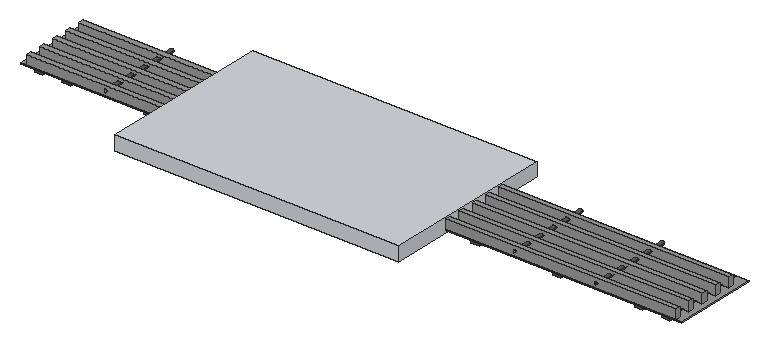
Revit family "1412-5, Veneer", category Generic Models, host Face, Revit 2020
Family settings
  Host = Face
  Can host rebar = No
  Round Connector Dimension = Use Diameter
  Part Type = Normal
  Cut with Voids When Loaded = No
  Shared = No
  Room Calculation Point = No
Parameters
  min_value [instance] = 2' - 4"  # constant formula
  max_value [instance] = 9' - 11 1/4"  # constant formula
  actual_value [instance] = if(NET LENGTH < min_value, min_value, if(NET LENGTH > max_value, max_value, NET LENGTH))  # 7' - 11 1/4"
  SCRIM MATERIAL [instance] = SCRIM
  SCRIM APPEARANCE [instance] = yes
  NET LENGTH [instance] = 7' - 11 1/4"
  IMPORTANT NOTE!!!                                                                             *Backer & dowel layout is for visualization purposes only, final layout to be determined by 9Wood. [instance] = ""
  Default Elevation = 4' - 0"
  DOWEL RADIUS [instance] = 0' - 0 1/4"  # constant formula
  BACKER & DOWEL MATERIAL [instance] = BLACK-BACKERS
  .. MEMBER WIDTH [instance] = 0' - 0 3/4"  # constant formula
  .. MEMBER MATERIAL [instance] = Veneer Cherry
  .. MEMBER DEPTH [instance] = 0' - 1 3/8"  # constant formula
  .. MEMBER COUNT [instance] = 5  # constant formula
Reference planes (in)
  plane 1 "Center (Front/Back)": y = 0
  plane 2: z = 0
  plane 3 "Center (Left/Right)": x = 0
Forms (in)
  Extrusion 1, solid
    sketch origin (0, 0, 0) x (1, 0, 0) y (0, 1, 0)
      loop
        line (-24.24823, 14.63962) -> (-24.24823, -10.69266) -> (17.36192, -10.69266) -> (17.36192, 14.63962) -> (-24.24823, 14.63962)
    from 0 to 2.0625
Dimensions and locks (in)
  aligned and locked: plane 2 to Extrusion 1
Nested families (in)
  nested 1: "1400 series" at (-44.01308, -2.1224, 0.00189), NET LENGTH <- "actual_value", .. MEMBER DEPTH <- ".. MEMBER DEPTH", .. MEMBER WIDTH <- ".. MEMBER WIDTH", DOWEL RADIUS <- "DOWEL RADIUS", BACKER & DOWEL MATERIAL <- "BACKER & DOWEL MATERIAL", .. MEMBER MATERIAL <- ".. MEMBER MATERIAL", SCRIM MATERIAL <- "SCRIM MATERIAL", MEMBER COUNT <- ".. MEMBER COUNT", SCRIM APPEARANCE <- "SCRIM APPEARANCE", type "1400 series"
    with X 7' - 8", SCRIM MATERIAL SCRIM, SCRIM LENGTH 8' - 1", SCRIM APPEARANCE yes, SCRIM 2 0' - 0 7/8", SCRIM 1 0' - 0 3/32", OC TYP 1' - 0", NET LENGTH 7' - 11 1/4", N 8, MEMBER COUNT 5, INSET 2 0' - 0 3/16", INSET 0' - 1", HALF MEMBER WIDTH 0' - 0 3/8", END BACKER yes, DOWEL RADIUS 0' - 0 1/4", DOWEL INDEX 0' - 11 5/8", DOWEL COUNT 7, BACKING M COUNT 8, BACKER WIDTH 0' - 1 1/4", BACKER INDEX 0' - 5 5/8", BACKER DEPTH 0' - 0 1/2", BACKER & DOWEL MATERIAL BLACK-BACKERS, BACKER &  DOWEL LENGTH 0' - 11 7/8", .. MEMBER WIDTH 0' - 0 3/4", .. MEMBER OC TYP 0' - 2.4", .. MEMBER MATERIAL Veneer Cherry, .. MEMBER DEPTH 0' - 1 3/8"
Definition of nested family "1400 series"
  Parameters (values of type "1400 series")
    X [instance] = NET LENGTH - 0' 3 1/4"  # 7' - 2"
    SCRIM MATERIAL [instance] = none
    SCRIM APPEARANCE [instance] = yes
    SCRIM 2 [instance] = 0' - 0 7/8"  # constant formula
    SCRIM 1 [instance] = 0' - 0 3/32"  # constant formula
    OC TYP [instance] = 1' - 0"  # constant formula
    N [instance] = if((X - (rounddown(X / 1' 0") * 1' 0")) > 1' 0", rounddown(X / 1' 0") + 2, rounddown(X / 1' 0") + 1)  # 8
    MEMBER COUNT [instance] = 2
    INSET 5 = 0' - 0 11/16"  # constant formula
    INSET 2 [instance] = 0' - 0 3/16"  # constant formula
    INSET [instance] = 0' - 1"  # constant formula
    END BACKER [instance] = BACKER INDEX > 0' 3 5/8"  # no
    HALF MEMBER WIDTH [instance] = .. MEMBER WIDTH / 2  # 0' - 1 1/8"
    Default Elevation = 0' - 0"
    DOWEL RADIUS [instance] = 0' - 0 1/4"
    DOWEL INDEX [instance] = BACKER INDEX + 0' 6"  # 0' - 8 5/8"
    DOWEL COUNT [instance] = N - 1  # 7
    BACKER WIDTH [instance] = 0' - 1 1/4"  # constant formula
    BACKER INDEX [instance] = (NET LENGTH - ((N - 1) * 1' 0")) / 2  # 0' - 2 5/8"
    BACKER DEPTH [instance] = 0' - 0 1/2"  # constant formula
    BACKING M COUNT [instance] = N  # 8
    BACKER & DOWEL MATERIAL [instance] = none
    BACKER &  DOWEL LENGTH [instance] = 0' - 11 7/8"  # constant formula
    SCRIM LENGTH [instance] = NET LENGTH + (SCRIM 2 * 2)  # 7' - 7"
    .. MEMBER WIDTH [instance] = 0' - 2 1/4"
    .. MEMBER OC TYP [instance] = 1' 0" / MEMBER COUNT  # 0' - 6"
    .. MEMBER MATERIAL [instance] = none
    NET LENGTH [instance] = 7' - 5 1/4"
    .. MEMBER DEPTH [instance] = 0' - 4"
  Reference planes (in)
    plane 1 "Center (Front/Back)": y = 0
    plane 2: z = 0
    plane 3 "Center (Left/Right)": x = 0
    plane 4: x = 89.25
    plane 5: x = 1
    plane 6: x = 88.25
    plane 7: x = 2.625
    plane 8: x = 8.625
    plane 9: x = 14.625
    plane 10: x = 20.625
    plane 11: y = 0.1875
    plane 12: y = 1.125
    plane 13: y = 7.125
    plane 14: y = 12.0625
    plane 15: x = 90.125
    plane 16: x = -0.875
    plane 17: y = 12.15625
    plane 18: y = -0.09375
    plane 19: z = 2.7097
    plane 20: z = 0.49811
    plane 21: z = 0.56061
    plane 22: z = 1.24811
  Lines and regions (in)
    model lines, not visible
      curve 1: line (8.625, 0, 0.99811) -> (8.625, 0, 1.49811)
      curve 2: line (8.625, 0, 1.49811) -> (8.375, 0, 1.24811)
      curve 3: line (8.375, 0, 1.24811) -> (8.875, 0, 1.24811)
      curve 4: line (20.625, 0, 0.99811) -> (20.625, 0, 1.49811)
      curve 5: line (20.625, 0, 1.49811) -> (20.375, 0, 1.24811)
      curve 6: line (20.375, 0, 1.24811) -> (20.875, 0, 1.24811)
      curve 7: line (32.625, 0, 0.99811) -> (32.625, 0, 1.49811)
      curve 8: line (32.625, 0, 1.49811) -> (32.375, 0, 1.24811)
      curve 9: line (32.375, 0, 1.24811) -> (32.875, 0, 1.24811)
      curve 10: line (44.625, 0, 0.99811) -> (44.625, 0, 1.49811)
      curve 11: line (44.625, 0, 1.49811) -> (44.375, 0, 1.24811)
      curve 12: line (44.375, 0, 1.24811) -> (44.875, 0, 1.24811)
      curve 13: line (56.625, 0, 0.99811) -> (56.625, 0, 1.49811)
      curve 14: line (56.625, 0, 1.49811) -> (56.375, 0, 1.24811)
      curve 15: line (56.375, 0, 1.24811) -> (56.875, 0, 1.24811)
      curve 16: line (68.625, 0, 0.99811) -> (68.625, 0, 1.49811)
      curve 17: line (68.625, 0, 1.49811) -> (68.375, 0, 1.24811)
      curve 18: line (68.375, 0, 1.24811) -> (68.875, 0, 1.24811)
      curve 19: line (80.625, 0, 0.99811) -> (80.625, 0, 1.49811)
      curve 20: line (80.625, 0, 1.49811) -> (80.375, 0, 1.24811)
      curve 21: line (80.375, 0, 1.24811) -> (80.875, 0, 1.24811)
  Dimensions and locks (in)
    "INSET": plane 3 "Center (Left/Right)" to plane 5
    "NET LENGTH": plane 3 "Center (Left/Right)" to plane 4
    "INSET": plane 6 to plane 4
    "BACKER INDEX": plane 3 "Center (Left/Right)" to plane 7
    "DOWEL INDEX": plane 3 "Center (Left/Right)" to plane 8
    "OC TYP": plane 7 to plane 9
    "OC TYP": plane 8 to plane 10
    "INSET 2": plane 1 "Center (Front/Back)" to plane 11
    equal spacing: group 1, group 2, group 5, group 6, group 7, group 13, group 14, group 16  (x3)
    equal spacing: group 3, group 4, group 8, group 9, group 10, group 15, group 17  (x3)
    group 11 to group 12 = 0' - 0"  (x2)
    group 11 to group 12 = 0' - 6"
    ".. MEMBER OC TYP": plane 13 to plane 12
    "HALF MEMBER WIDTH": plane 1 "Center (Front/Back)" to plane 12
    "SCRIM 2": plane 16 to plane 3 "Center (Left/Right)"
    "SCRIM 2": plane 4 to plane 15
    "SCRIM 1": plane 18 to plane 1 "Center (Front/Back)"
    "SCRIM 1": plane 17 to plane 14
    "INSET 5": plane 22 to plane 21
    aligned and locked: level to plane 2
    aligned and locked: plane 7 to nested 2
    aligned and locked: plane 5 to nested 1
    aligned and locked: plane 9 to nested 3
    aligned and locked: nested 1 to plane 5
    aligned and locked: nested 2 to plane 11
    aligned and locked: nested 1 to plane 11
    aligned and locked: nested 3 to plane 11
    aligned and locked: nested 4 to plane 11  (x2)
    aligned and locked: plane 10 to nested 5
    aligned and locked: plane 6 to nested 12
    aligned and locked: nested 5 to plane 11
    aligned and locked: plane 11 to nested 12
    aligned and locked: plane 12 to nested 13
    aligned and locked: nested 14 to plane 13
    aligned and locked: plane 14 to nested 8
    aligned and locked: plane 16 to nested 15
    aligned and locked: nested 15 to plane 18
    aligned and locked: nested 15 to plane 17
    aligned and locked: nested 15 to plane 16  (x2)
    aligned and locked: nested 1 to level
    aligned and locked: level to nested 3
    aligned and locked: plane 20 to nested 2
    aligned and locked: plane 20 to nested 1
    aligned and locked: plane 20 to nested 3
    aligned and locked: nested 12 to plane 20
    aligned and locked: nested 15 to plane 20
    aligned and locked: plane 21 to nested 15
    aligned and locked: nested 13 to plane 21
    aligned and locked: plane 22 to nested 4
    aligned and locked: plane 22 to nested 5
    aligned and locked: nested 13 to plane 8
    aligned and locked: plane 10 to nested 13
    aligned and locked: curve 1 to nested 13
    aligned and locked: nested 13 to curve 4
  Automatic sketch dimensions
    curve 3 to curve 1 = 0' - 0 1/4"  (x2)
    curve 1 to curve 3 = 0' - 0 1/4"
    curve 1 to curve 2 = 0' - 0 1/4"
    curve 6 to curve 4 = 0' - 0 1/4"  (x2)
    curve 4 to curve 6 = 0' - 0 1/4"
    curve 4 to curve 5 = 0' - 0 1/4"
    curve 9 to curve 7 = 0' - 0 1/4"  (x2)
    curve 7 to curve 9 = 0' - 0 1/4"
    curve 7 to curve 8 = 0' - 0 1/4"
    curve 12 to curve 10 = 0' - 0 1/4"  (x2)
    curve 10 to curve 12 = 0' - 0 1/4"
    curve 10 to curve 11 = 0' - 0 1/4"
    curve 15 to curve 13 = 0' - 0 1/4"  (x2)
    curve 13 to curve 15 = 0' - 0 1/4"
    curve 13 to curve 14 = 0' - 0 1/4"
    curve 18 to curve 16 = 0' - 0 1/4"  (x2)
    curve 16 to curve 18 = 0' - 0 1/4"
    curve 16 to curve 17 = 0' - 0 1/4"
    curve 21 to curve 19 = 0' - 0 1/4"  (x2)
    curve 19 to curve 21 = 0' - 0 1/4"
    curve 19 to curve 20 = 0' - 0 1/4"
  Nested families (in)
    nested 1: "INSTANCE - 3RD -  EXTEND BOTH SIDES - Parametric Cube.0001" at (1, 0.1875, 0.49811), Length <- "BACKER &  DOWEL LENGTH", Width <- "BACKER WIDTH", Height <- "BACKER DEPTH", Material <- "BACKER & DOWEL MATERIAL", visible <- "END BACKER", type "INSTANCE - 3RD -  EXTEND BOTH SIDES - Parametric Cube.0001"
      with Width 0' - 1 1/4", Material none, Length 0' - 11 7/8", Height 0' - 0 1/2"
    nested 2: "INSTANCE - 2ND -  EXTEND SIDE H CENTER W - Parametric Cube.0001" at (2.625, 0.1875, 0.49811), Width <- "BACKER WIDTH", Length <- "BACKER &  DOWEL LENGTH", Height <- "BACKER DEPTH", Material <- "BACKER & DOWEL MATERIAL", type "INSTANCE - 2ND -  EXTEND SIDE H CENTER W - Parametric Cube.0001"
      with Width 0' - 1 1/4", Material none, Length 0' - 11 7/8", Height 0' - 0 1/2"
    nested 3: "INSTANCE - 2ND -  EXTEND SIDE H CENTER W - Parametric Cube.0001" at (14.625, 0.1875, 0.49811), Width <- "BACKER WIDTH", Length <- "BACKER &  DOWEL LENGTH", Height <- "BACKER DEPTH", Material <- "BACKER & DOWEL MATERIAL", type "INSTANCE - 2ND -  EXTEND SIDE H CENTER W - Parametric Cube.0001"
      with Width 0' - 1 1/4", Material none, Length 0' - 11 7/8", Height 0' - 0 1/2"
    nested 4: "DOWEL" at (-1.375, 0.1875, 1.24811), DOWEL LENGTH <- "BACKER &  DOWEL LENGTH", DOWEL RADII <- "DOWEL RADIUS", BACKING MEM MATERIAL <- "BACKER & DOWEL MATERIAL", type "DOWEL"
      with DOWEL RADII 0' - 0 1/4", DOWEL LENGTH 0' - 11 7/8", BACKING MEM MATERIAL none
    nested 5: "DOWEL" at (10.625, 0.1875, 1.24811), DOWEL LENGTH <- "BACKER &  DOWEL LENGTH", DOWEL RADII <- "DOWEL RADIUS", BACKING MEM MATERIAL <- "BACKER & DOWEL MATERIAL", type "DOWEL"
      with DOWEL RADII 0' - 0 1/4", DOWEL LENGTH 0' - 11 7/8", BACKING MEM MATERIAL none
    nested 6: "INSTANCE - 2ND -  EXTEND SIDE H CENTER W - Parametric Cube.0001" at (26.625, 0.1875, 0.49811), Width <- "BACKER WIDTH", Length <- "BACKER &  DOWEL LENGTH", Height <- "BACKER DEPTH", Material <- "BACKER & DOWEL MATERIAL", type "INSTANCE - 2ND -  EXTEND SIDE H CENTER W - Parametric Cube.0001"
      with Width 0' - 1 1/4", Material none, Length 0' - 11 7/8", Height 0' - 0 1/2"
    nested 7: "INSTANCE - 2ND -  EXTEND SIDE H CENTER W - Parametric Cube.0001" at (38.625, 0.1875, 0.49811), Width <- "BACKER WIDTH", Length <- "BACKER &  DOWEL LENGTH", Height <- "BACKER DEPTH", Material <- "BACKER & DOWEL MATERIAL", type "INSTANCE - 2ND -  EXTEND SIDE H CENTER W - Parametric Cube.0001"
      with Width 0' - 1 1/4", Material none, Length 0' - 11 7/8", Height 0' - 0 1/2"
    nested 8: "INSTANCE - 2ND -  EXTEND SIDE H CENTER W - Parametric Cube.0001" at (50.625, 0.1875, 0.49811), Width <- "BACKER WIDTH", Length <- "BACKER &  DOWEL LENGTH", Height <- "BACKER DEPTH", Material <- "BACKER & DOWEL MATERIAL", type "INSTANCE - 2ND -  EXTEND SIDE H CENTER W - Parametric Cube.0001"
      with Width 0' - 1 1/4", Material none, Length 0' - 11 7/8", Height 0' - 0 1/2"
    nested 9: "DOWEL" at (22.625, 0.1875, 1.24811), DOWEL LENGTH <- "BACKER &  DOWEL LENGTH", DOWEL RADII <- "DOWEL RADIUS", BACKING MEM MATERIAL <- "BACKER & DOWEL MATERIAL", type "DOWEL"
      with DOWEL RADII 0' - 0 1/4", DOWEL LENGTH 0' - 11 7/8", BACKING MEM MATERIAL none
    nested 10: "DOWEL" at (34.625, 0.1875, 1.24811), DOWEL LENGTH <- "BACKER &  DOWEL LENGTH", DOWEL RADII <- "DOWEL RADIUS", BACKING MEM MATERIAL <- "BACKER & DOWEL MATERIAL", type "DOWEL"
      with DOWEL RADII 0' - 0 1/4", DOWEL LENGTH 0' - 11 7/8", BACKING MEM MATERIAL none
    nested 11: "DOWEL" at (46.625, 0.1875, 1.24811), DOWEL LENGTH <- "BACKER &  DOWEL LENGTH", DOWEL RADII <- "DOWEL RADIUS", BACKING MEM MATERIAL <- "BACKER & DOWEL MATERIAL", type "DOWEL"
      with DOWEL RADII 0' - 0 1/4", DOWEL LENGTH 0' - 11 7/8", BACKING MEM MATERIAL none
    nested 12: "INSTANCE - 3RD -  EXTEND BOTH SIDES - Parametric Cube.0001" at (88.25, 0.1875, 0.49811) x (-1, 0, 0) z (0, 0, 1), Width <- "BACKER WIDTH", Length <- "BACKER &  DOWEL LENGTH", Height <- "BACKER DEPTH", Material <- "BACKER & DOWEL MATERIAL", visible <- "END BACKER", type "INSTANCE - 3RD -  EXTEND BOTH SIDES - Parametric Cube.0001"
      with Width 0' - 1 1/4", Material none, Length 0' - 11 7/8", Height 0' - 0 1/2"
    nested 13: "HOLED MEMBER" at (0, -9.75, 8.12965), DOWEL INDEX <- "DOWEL INDEX", .. MEMBER LENGTH <- "NET LENGTH", .. MEMBER WIDTH <- ".. MEMBER WIDTH", DOWEL OC DIST <- "OC TYP", DOWEL RADII <- "DOWEL RADIUS", Material <- ".. MEMBER MATERIAL", DEPTH <- ".. MEMBER DEPTH", DOWEL COUNT <- "DOWEL COUNT", Space <- "INSET 5", type "HOLED MEMBER"
      with Space 0' - 0 11/16", Material none, Height 0' - 10.43096", HALF MEMBER WIDTH 0' - 1 1/8", DOWEL RADII 0' - 0 1/4", DOWEL OC DIST 1' - 0", DOWEL INDEX 0' - 8 5/8", DOWEL COUNT 7, DEPTH 0' - 4", .. MEMBER WIDTH 0' - 2 1/4", .. MEMBER LENGTH 7' - 5 1/4"
    nested 14: "HOLED MEMBER" at (0, -3.75, 8.12965), DOWEL INDEX <- "DOWEL INDEX", .. MEMBER LENGTH <- "NET LENGTH", .. MEMBER WIDTH <- ".. MEMBER WIDTH", DOWEL OC DIST <- "OC TYP", DOWEL RADII <- "DOWEL RADIUS", Material <- ".. MEMBER MATERIAL", DEPTH <- ".. MEMBER DEPTH", DOWEL COUNT <- "DOWEL COUNT", Space <- "INSET 5", type "HOLED MEMBER"
      with Space 0' - 0 11/16", Material none, Height 0' - 10.43096", HALF MEMBER WIDTH 0' - 1 1/8", DOWEL RADII 0' - 0 1/4", DOWEL OC DIST 1' - 0", DOWEL INDEX 0' - 8 5/8", DOWEL COUNT 7, DEPTH 0' - 4", .. MEMBER WIDTH 0' - 2 1/4", .. MEMBER LENGTH 7' - 5 1/4"
    nested 15: "INSTANCE - 3RD -  EXTEND BOTH SIDES - Parametric Cube.0001" at (-0.875, -0.09375, 0.56061), Width <- "SCRIM LENGTH", Material <- "SCRIM MATERIAL", visible <- "SCRIM APPEARANCE", type "INSTANCE - 3RD -  EXTEND BOTH SIDES - Parametric Cube.0001"
      with Width 7' - 7", Material none, Length 1' - 0 1/4", Height 0' - 0 1/16"
    nested 16: "INSTANCE - 2ND -  EXTEND SIDE H CENTER W - Parametric Cube.0001" at (62.625, 0.1875, 0.49811), Width <- "BACKER WIDTH", Length <- "BACKER &  DOWEL LENGTH", Height <- "BACKER DEPTH", Material <- "BACKER & DOWEL MATERIAL", type "INSTANCE - 2ND -  EXTEND SIDE H CENTER W - Parametric Cube.0001"
      with Width 0' - 1 1/4", Material none, Length 0' - 11 7/8", Height 0' - 0 1/2"
    nested 17: "INSTANCE - 2ND -  EXTEND SIDE H CENTER W - Parametric Cube.0001" at (74.625, 0.1875, 0.49811), Width <- "BACKER WIDTH", Length <- "BACKER &  DOWEL LENGTH", Height <- "BACKER DEPTH", Material <- "BACKER & DOWEL MATERIAL", type "INSTANCE - 2ND -  EXTEND SIDE H CENTER W - Parametric Cube.0001"
      with Width 0' - 1 1/4", Material none, Length 0' - 11 7/8", Height 0' - 0 1/2"
    nested 18: "DOWEL" at (58.625, 0.1875, 1.24811), DOWEL LENGTH <- "BACKER &  DOWEL LENGTH", DOWEL RADII <- "DOWEL RADIUS", BACKING MEM MATERIAL <- "BACKER & DOWEL MATERIAL", type "DOWEL"
      with DOWEL RADII 0' - 0 1/4", DOWEL LENGTH 0' - 11 7/8", BACKING MEM MATERIAL none
    nested 19: "INSTANCE - 2ND -  EXTEND SIDE H CENTER W - Parametric Cube.0001" at (86.625, 0.1875, 0.49811), Width <- "BACKER WIDTH", Length <- "BACKER &  DOWEL LENGTH", Height <- "BACKER DEPTH", Material <- "BACKER & DOWEL MATERIAL", type "INSTANCE - 2ND -  EXTEND SIDE H CENTER W - Parametric Cube.0001"
      with Width 0' - 1 1/4", Material none, Length 0' - 11 7/8", Height 0' - 0 1/2"
    nested 20: "DOWEL" at (70.625, 0.1875, 1.24811), DOWEL LENGTH <- "BACKER &  DOWEL LENGTH", DOWEL RADII <- "DOWEL RADIUS", BACKING MEM MATERIAL <- "BACKER & DOWEL MATERIAL", type "DOWEL"
      with DOWEL RADII 0' - 0 1/4", DOWEL LENGTH 0' - 11 7/8", BACKING MEM MATERIAL none
  Definition of nested family "INSTANCE - 3RD -  EXTEND BOTH SIDES - Parametric Cube.0001"
    Parameters (values of type "INSTANCE - 3RD -  EXTEND BOTH SIDES - Parametric Cube.0001")
      Width [instance] = 0' - 6"
      Material [instance] = none
      Length [instance] = 1' - 0"
      Height [instance] = 1' - 6"
      Default Elevation = 0' - 0"
    Reference planes (in)
      plane 1 "Center (Front/Back)": y = 0
      plane 2: z = 0
      plane 3 "Center (Left/Right)": x = 0
      plane 4: x = 6
      plane 5: y = 12
      plane 6: z = -18
    Forms (in)
      Extrusion 1, solid, material <- "Material"
        sketch origin (0, 6, 0) x (1, 0, 0) y (0, 1, 0)
          loop
            line (0, 6) -> (0, -6) -> (6, -6) -> (6, 6) -> (0, 6)
        from -18 to 0
    Dimensions and locks (in)
      "Height": plane 6 to level
      "Length": plane 1 "Center (Front/Back)" to plane 5
      "Width": plane 3 "Center (Left/Right)" to plane 4
      aligned and locked: plane 2 to level
      aligned and locked: Extrusion 1 sketch curve to plane 4
      aligned and locked: Extrusion 1 to plane 6
      aligned and locked: plane 5 to Extrusion 1
      aligned and locked: Extrusion 1 to plane 3 "Center (Left/Right)"
    Automatic sketch dimensions
      plane 1 "Center (Front/Back)" to Extrusion 1 sketch curve = 0' - 0"
      plane 5 to Extrusion 1 sketch curve = 0' - 0"
      Extrusion 1 sketch curve to plane 3 "Center (Left/Right)" = 0' - 0"
  Definition of nested family "INSTANCE - 2ND -  EXTEND SIDE H CENTER W - Parametric Cube.0001"
    Parameters (values of type "INSTANCE - 2ND -  EXTEND SIDE H CENTER W - Parametric Cube.0001")
      Width [instance] = 0' - 6"
      Material [instance] = none
      Length [instance] = 1' - 0"
      Height [instance] = 1' - 6"
      Default Elevation = 0' - 0"
    Reference planes (in)
      plane 1 "Center (Front/Back)": y = 0
      plane 2: z = 0
      plane 3 "Center (Left/Right)": x = 0
      plane 4: x = -3
      plane 5: x = 3
      plane 6: y = 12
      plane 7: z = -18
    Forms (in)
      Extrusion 1, solid, material <- "Material"
        sketch origin (0, 6, 0) x (1, 0, 0) y (0, 1, 0)
          loop
            line (-3, 6) -> (-3, -6) -> (3, -6) -> (3, 6) -> (-3, 6)
        from -18 to 0
    Dimensions and locks (in)
      equal spacing: plane 4, plane 3 "Center (Left/Right)", plane 5
      "Width": plane 4 to plane 5
      "Height": plane 7 to level
      "Length": plane 1 "Center (Front/Back)" to plane 6
      aligned and locked: plane 2 to level
      aligned and locked: plane 4 to Extrusion 1 sketch curve
      aligned and locked: Extrusion 1 sketch curve to plane 5
      aligned and locked: Extrusion 1 to plane 7
      aligned and locked: plane 6 to Extrusion 1
    Automatic sketch dimensions
      plane 1 "Center (Front/Back)" to Extrusion 1 sketch curve = 0' - 0"
      plane 6 to Extrusion 1 sketch curve = 0' - 0"
  Definition of nested family "DOWEL"
    Parameters (values of type "DOWEL")
      Default Elevation = 0' - 0"
      DOWEL RADII [instance] = 0' - 0 5/8"
      DOWEL LENGTH [instance] = 1' - 0"
      BACKING MEM MATERIAL [instance] = none
    Reference planes (in)
      plane 1 "Center (Front/Back)": y = 0
      plane 2: z = 0
      plane 3 "Center (Left/Right)": x = 0
      plane 4: y = 12
    Forms (in)
      Extrusion 1, solid, material <- "BACKING MEM MATERIAL"
        sketch origin (10, 0, 0) x (1, 0, 0) y (0, 0, 1)
          loop
            circle (0, 0) r 0.625
        from 0 to -12
      Extrusion 2, solid, not visible
        sketch origin (0, 0, 0) x (1, 0, 0) y (0, 0, 1)
          loop
            circle (0, 0) r 0.625
        from 0 to 12
      Extrusion 3, solid, not visible
        sketch origin (10, 0, 0) x (1, 0, 0) y (0, 0, 1)
          loop
            circle (0, 0) r 0.625
        from 0 to 2.5
      Extrusion 4, solid, not visible
        sketch origin (10, 0, 0) x (1, 0, 0) y (0, 0, 1)
          loop
            circle (0, 0) r 0.625
        from 0 to -12
    Lines and regions (in)
      model lines, not visible
        curve 1: line (-13, 0, 0) -> (-13, -12, 0)
        curve 2: line (13, 0, 0) -> (13, -12, 0)
        curve 3: line (9.89453, 0, 0) -> (10.08794, 0, 0)
        curve 4: line (9.89453, -2.5, 0) -> (10.08794, -2.5, 0)
        curve 6: line (10, 0, 0) -> (10, 2, 0)
      model lines
        curve 5: line (10, 0, 0) -> (10, 2, 0)
    Dimensions and locks (in)
      "DOWEL LENGTH": plane 1 "Center (Front/Back)" to plane 4
      "DOWEL RADII": radius of Extrusion 1 sketch curve
      "DOWEL RADII": radius of Extrusion 2 sketch curve
      "DOWEL RADII": radius of Extrusion 3 sketch curve
      "DOWEL RADII": radius of Extrusion 4 sketch curve
      "DOWEL RADII": radius of Extrusion 1
      aligned and locked: plane 2 to level
      aligned and locked: Extrusion 1 to plane 1 "Center (Front/Back)"  (x3)
      aligned and locked: plane 1 "Center (Front/Back)" to Extrusion 1
      aligned and locked: plane 4 to Extrusion 1
    Automatic sketch dimensions
      plane 1 "Center (Front/Back)" to curve 5 = 0' - 0"
      curve 5 to plane 1 "Center (Front/Back)" = 0' - 2"
      plane 3 "Center (Left/Right)" to curve 5 = 0' - 10"
      Extrusion 1 sketch curve to level = 0' - 0"
      plane 3 "Center (Left/Right)" to Extrusion 1 sketch curve = 0' - 10"
  Definition of nested family "HOLED MEMBER"
    Parameters (values of type "HOLED MEMBER")
      Space [instance] = 0' - 0 5/8"
      Material [instance] = none
      Height [instance] = 0' - 10.43096"
      HALF MEMBER WIDTH [instance] = .. MEMBER WIDTH / 2  # 0' - 0 5/16"
      Default Elevation = 0' - 0"
      DOWEL RADII [instance] = 0' - 0.34537"
      DOWEL OC DIST [instance] = 1' - 0"
      DOWEL INSET = 0' - 0 5/8"
      DOWEL INDEX [instance] = 0' - 5 5/8"
      DOWEL COUNT [instance] = 6
      DEPTH [instance] = 0' - 2"
      .. MEMBER WIDTH [instance] = 0' - 0 5/8"
      .. MEMBER LENGTH [instance] = 5' - 11 3/4"
    Reference planes (in)
      plane 1 "Center (Front/Back)": y = 12
      plane 2: z = -7.56904
      plane 3 "Center (Left/Right)": x = 0
      plane 4: x = 5.625
      plane 5: x = 17.625
      plane 6: y = 11.375
      plane 7: x = 71.75
      plane 8: y = 11.6875
      plane 9: z = -6.94404
      plane 10: z = -5.56904
    Forms (in)
      Extrusion 1, solid, material <- "Material"
        sketch origin (0, 12, -13.56904) x (1, 0, 0) y (0, 0, 1)
          loop
            line (0, 6) -> (71.75, 6) -> (71.75, 8) -> (0, 8) -> (0, 6)
        from 0.625 to 0
      Extrusion 2, void
        sketch origin (0, 12, -18.31904) x (1, 0, 0) y (0, 0, 1)
          loop
            circle (5.625, 11.375) r 0.34537
        from 0 to 12
      Extrusion 3, void, not visible
        sketch origin (0, 0, 0) x (1, 0, 0) y (0, 1, 0)
          loop
            circle (5.625, 11.375) r 0.34537
        from 0 to 12
      Extrusion 4, void, not visible
        sketch origin (0, 0, 0) x (1, 0, 0) y (0, 1, 0)
          loop
            circle (5.625, 11.375) r 0.34537
        from 0 to 12
      Extrusion 5, void, not visible
        sketch origin (12, 0, 0) x (1, 0, 0) y (0, 1, 0)
          loop
            circle (5.625, 11.375) r 0.34537
        from 0 to 12
      Extrusion 6, void, not visible
        sketch origin (0, 12, -17.56904) x (1, 0, 0) y (0, 0, 1)
          loop
            circle (5.625, 11.375) r 0.34537
        from 0 to 12
      Extrusion 7, void, not visible
        sketch origin (12, 12, -17.56904) x (1, 0, 0) y (0, 0, 1)
          loop
            circle (5.625, 11.375) r 0.34537
        from 0 to 12
      Extrusion 8, void, not visible
        sketch origin (0, 12, -19.56904) x (1, 0, 0) y (0, 0, 1)
          loop
            circle (5.625, 11.375) r 0.34537
        from 0 to 12
      Extrusion 9, void
        sketch origin (12, 12, -18.31904) x (1, 0, 0) y (0, 0, 1)
          loop
            circle (5.625, 11.375) r 0.34537
        from 0 to 12
      Extrusion 10, void
        sketch origin (24, 12, -18.31904) x (1, 0, 0) y (0, 0, 1)
          loop
            circle (5.625, 11.375) r 0.34537
        from 0 to 12
      Extrusion 11, void
        sketch origin (36, 12, -18.31904) x (1, 0, 0) y (0, 0, 1)
          loop
            circle (5.625, 11.375) r 0.34537
        from 0 to 12
      Extrusion 12, void
        sketch origin (48, 12, -18.31904) x (1, 0, 0) y (0, 0, 1)
          loop
            circle (5.625, 11.375) r 0.34537
        from 0 to 12
      Extrusion 13, void
        sketch origin (60, 12, -18.31904) x (1, 0, 0) y (0, 0, 1)
          loop
            circle (5.625, 11.375) r 0.34537
        from 0 to 12
      Extrusion 14, void, not visible
        sketch origin (24, 12, -17.56904) x (1, 0, 0) y (0, 0, 1)
          loop
            circle (5.625, 11.375) r 0.34537
        from 0 to 12
      Extrusion 15, void, not visible
        sketch origin (36, 12, -17.56904) x (1, 0, 0) y (0, 0, 1)
          loop
            circle (5.625, 11.375) r 0.34537
        from 0 to 12
      Extrusion 16, void, not visible
        sketch origin (48, 12, -17.56904) x (1, 0, 0) y (0, 0, 1)
          loop
            circle (5.625, 11.375) r 0.34537
        from 0 to 12
      Extrusion 17, void, not visible
        sketch origin (60, 12, -17.56904) x (1, 0, 0) y (0, 0, 1)
          loop
            circle (5.625, 11.375) r 0.34537
        from 0 to 12
      Extrusion 18, void, not visible
        sketch origin (24, 0, 0) x (1, 0, 0) y (0, 1, 0)
          loop
            circle (5.625, 11.375) r 0.34537
        from 0 to 12
      Extrusion 19, void, not visible
        sketch origin (36, 0, 0) x (1, 0, 0) y (0, 1, 0)
          loop
            circle (5.625, 11.375) r 0.34537
        from 0 to 12
      Extrusion 20, void, not visible
        sketch origin (48, 0, 0) x (1, 0, 0) y (0, 1, 0)
          loop
            circle (5.625, 11.375) r 0.34537
        from 0 to 12
      Extrusion 21, void, not visible
        sketch origin (60, 0, 0) x (1, 0, 0) y (0, 1, 0)
          loop
            circle (5.625, 11.375) r 0.34537
        from 0 to 12
    Cuts and joins
      Extrusion 2, Extrusion 9, Extrusion 10, Extrusion 11, Extrusion 12, Extrusion 13 cuts Extrusion 1
    Lines and regions (in)
      model lines, not visible
        curve 1: line (5.625, 11.72037, 0) -> (5.625, 11.02963, 0)
        curve 2: line (5.625, 11.72037, 0) -> (5.625, 11.02963, 0)
        curve 3: line (17.625, 11.72037, 0) -> (17.625, 11.02963, 0)
        curve 4: line (5.625, 12, -7.56904) -> (5.625, 11.87317, -7.56904)
        curve 5: line (5.625, 11.87317, -7.56904) -> (5.06195, 11.87317, -7.56904)
        curve 6: line (5.06195, 11.87317, -7.56904) -> (5.27963, 11.375, -7.56904)
        curve 7: line (0, 12, -6.19404) -> (0, 11.61951, -6.19404)
        curve 9: line (0, 11.375, -8.19404) -> (0, 11.6747, -8.19404)
        curve 10: line (5.625, 12, -7.56904) -> (5.625, 11.69863, -7.56904)
        curve 11: line (5.625, 12, -7.56904) -> (5.625, 11.69863, -7.56904)
        curve 12: line (5.625, 10.75, 0) -> (5.625, 10.75, 0.30137)
        curve 13: line (5.625, 10.75, 0) -> (5.625, 10.75, 0.30137)
        curve 14: line (17.625, 10.75, 0) -> (17.625, 10.75, 0.30137)
        curve 15: line (5.625, 12, -6.81904) -> (5.625, 11.69863, -6.81904)
        curve 16: line (17.625, 12, -6.81904) -> (17.625, 11.69863, -6.81904)
        curve 17: line (5.625, 12, -8.81904) -> (5.625, 11.69863, -8.81904)
        curve 18: line (17.625, 12, -7.56904) -> (17.625, 11.69863, -7.56904)
        curve 19: line (29.625, 12, -7.56904) -> (29.625, 11.69863, -7.56904)
        curve 20: line (41.625, 12, -7.56904) -> (41.625, 11.69863, -7.56904)
        curve 21: line (53.625, 12, -7.56904) -> (53.625, 11.69863, -7.56904)
        curve 22: line (65.625, 12, -7.56904) -> (65.625, 11.69863, -7.56904)
        curve 23: line (29.625, 12, -6.81904) -> (29.625, 11.69863, -6.81904)
        curve 24: line (41.625, 12, -6.81904) -> (41.625, 11.69863, -6.81904)
        curve 25: line (53.625, 12, -6.81904) -> (53.625, 11.69863, -6.81904)
        curve 26: line (65.625, 12, -6.81904) -> (65.625, 11.69863, -6.81904)
        curve 27: line (29.625, 11.72037, 0) -> (29.625, 11.02963, 0)
        curve 28: line (29.625, 10.75, 0) -> (29.625, 10.75, 0.30137)
        curve 29: line (41.625, 11.72037, 0) -> (41.625, 11.02963, 0)
        curve 30: line (41.625, 10.75, 0) -> (41.625, 10.75, 0.30137)
        curve 31: line (53.625, 11.72037, 0) -> (53.625, 11.02963, 0)
        curve 32: line (53.625, 10.75, 0) -> (53.625, 10.75, 0.30137)
        curve 33: line (65.625, 11.72037, 0) -> (65.625, 11.02963, 0)
        curve 34: line (65.625, 10.75, 0) -> (65.625, 10.75, 0.30137)
        curve 35: line (5.27963, 12, -6.94404) -> (5.97037, 12, -6.94404)
        curve 36: line (5.97037, 12, -6.94404) -> (5.625, 12, -6.59867)
        curve 37: line (5.625, 12, -6.59867) -> (5.625, 12, -7.28941)
        curve 38: line (5.27963, 11.375, 0) -> (5.97037, 11.375, 0)
        curve 39: line (5.97037, 11.375, 0) -> (5.625, 11.72037, 0)
        curve 40: line (5.625, 11.72037, 0) -> (5.625, 11.02963, 0)
        curve 41: line (5.27963, 11.375, 0) -> (5.97037, 11.375, 0)
        curve 42: line (5.97037, 11.375, 0) -> (5.625, 11.72037, 0)
        curve 43: line (5.625, 11.72037, 0) -> (5.625, 11.02963, 0)
        curve 44: line (17.27963, 11.375, 0) -> (17.97037, 11.375, 0)
        curve 45: line (17.97037, 11.375, 0) -> (17.625, 11.72037, 0)
        curve 46: line (17.625, 11.72037, 0) -> (17.625, 11.02963, 0)
        curve 47: line (5.27963, 12, -6.19404) -> (5.97037, 12, -6.19404)
        curve 48: line (5.97037, 12, -6.19404) -> (5.625, 12, -5.84867)
        curve 49: line (5.625, 12, -5.84867) -> (5.625, 12, -6.53941)
        curve 50: line (17.27963, 12, -6.19404) -> (17.97037, 12, -6.19404)
        curve 51: line (17.97037, 12, -6.19404) -> (17.625, 12, -5.84867)
        curve 52: line (17.625, 12, -5.84867) -> (17.625, 12, -6.53941)
        curve 53: line (5.27963, 12, -8.19404) -> (5.97037, 12, -8.19404)
        curve 54: line (5.97037, 12, -8.19404) -> (5.625, 12, -7.84867)
        curve 55: line (5.625, 12, -7.84867) -> (5.625, 12, -8.53941)
        curve 56: line (17.27963, 12, -6.94404) -> (17.97037, 12, -6.94404)
        curve 57: line (17.97037, 12, -6.94404) -> (17.625, 12, -6.59867)
        curve 58: line (17.625, 12, -6.59867) -> (17.625, 12, -7.28941)
        curve 59: line (29.27963, 12, -6.94404) -> (29.97037, 12, -6.94404)
        curve 60: line (29.97037, 12, -6.94404) -> (29.625, 12, -6.59867)
        curve 61: line (29.625, 12, -6.59867) -> (29.625, 12, -7.28941)
        curve 62: line (41.27963, 12, -6.94404) -> (41.97037, 12, -6.94404)
        curve 63: line (41.97037, 12, -6.94404) -> (41.625, 12, -6.59867)
        curve 64: line (41.625, 12, -6.59867) -> (41.625, 12, -7.28941)
        curve 65: line (53.27963, 12, -6.94404) -> (53.97037, 12, -6.94404)
        curve 66: line (53.97037, 12, -6.94404) -> (53.625, 12, -6.59867)
        curve 67: line (53.625, 12, -6.59867) -> (53.625, 12, -7.28941)
        curve 68: line (65.27963, 12, -6.94404) -> (65.97037, 12, -6.94404)
        curve 69: line (65.97037, 12, -6.94404) -> (65.625, 12, -6.59867)
        curve 70: line (65.625, 12, -6.59867) -> (65.625, 12, -7.28941)
        curve 71: line (29.27963, 12, -6.19404) -> (29.97037, 12, -6.19404)
        curve 72: line (29.97037, 12, -6.19404) -> (29.625, 12, -5.84867)
        curve 73: line (29.625, 12, -5.84867) -> (29.625, 12, -6.53941)
        curve 74: line (41.27963, 12, -6.19404) -> (41.97037, 12, -6.19404)
        curve 75: line (41.97037, 12, -6.19404) -> (41.625, 12, -5.84867)
        curve 76: line (41.625, 12, -5.84867) -> (41.625, 12, -6.53941)
        curve 77: line (53.27963, 12, -6.19404) -> (53.97037, 12, -6.19404)
        curve 78: line (53.97037, 12, -6.19404) -> (53.625, 12, -5.84867)
        curve 79: line (53.625, 12, -5.84867) -> (53.625, 12, -6.53941)
        curve 80: line (65.27963, 12, -6.19404) -> (65.97037, 12, -6.19404)
        curve 81: line (65.97037, 12, -6.19404) -> (65.625, 12, -5.84867)
        curve 82: line (65.625, 12, -5.84867) -> (65.625, 12, -6.53941)
        curve 83: line (29.27963, 11.375, 0) -> (29.97037, 11.375, 0)
        curve 84: line (29.97037, 11.375, 0) -> (29.625, 11.72037, 0)
        curve 85: line (29.625, 11.72037, 0) -> (29.625, 11.02963, 0)
        curve 86: line (41.27963, 11.375, 0) -> (41.97037, 11.375, 0)
        curve 87: line (41.97037, 11.375, 0) -> (41.625, 11.72037, 0)
        curve 88: line (41.625, 11.72037, 0) -> (41.625, 11.02963, 0)
        curve 89: line (53.27963, 11.375, 0) -> (53.97037, 11.375, 0)
        curve 90: line (53.97037, 11.375, 0) -> (53.625, 11.72037, 0)
        curve 91: line (53.625, 11.72037, 0) -> (53.625, 11.02963, 0)
        curve 92: line (65.27963, 11.375, 0) -> (65.97037, 11.375, 0)
        curve 93: line (65.97037, 11.375, 0) -> (65.625, 11.72037, 0)
        curve 94: line (65.625, 11.72037, 0) -> (65.625, 11.02963, 0)
      model lines
        curve 8: line (5.625, 12, -7.56904) -> (5.625, 11.69863, -7.56904)
    Dimensions and locks (in)
      "DOWEL INDEX": plane 3 "Center (Left/Right)" to plane 4
      "DOWEL OC DIST": plane 4 to plane 5
      ".. MEMBER LENGTH": plane 3 "Center (Left/Right)" to plane 7
      equal spacing: group 3, group 4, group 21, group 22, group 23, group 24  (x3)
      equal spacing: group 7, group 8, group 17, group 18, group 19, group 20  (x3)
      ".. MEMBER WIDTH": plane 6 to plane 1 "Center (Front/Back)"
      "HALF MEMBER WIDTH": plane 8 to plane 1 "Center (Front/Back)"
      equal spacing: group 1, group 12, group 13, group 14, group 15, group 16  (x2)
      equal spacing: group 16, group 15, group 14, group 13, group 12, group 1
      "DEPTH": plane 10 to level
      "Space": plane 9 to level
      "DOWEL RADII": radius of Extrusion 2 sketch curve
      "DOWEL RADII": radius of Extrusion 3 sketch curve
      "DOWEL RADII": radius of Extrusion 4 sketch curve
      "DOWEL RADII": radius of Extrusion 5 sketch curve
      "DOWEL RADII": radius of Extrusion 6 sketch curve
      "DOWEL RADII": radius of Extrusion 7 sketch curve
      "DOWEL RADII": radius of Extrusion 8 sketch curve
      "DOWEL RADII": radius of Extrusion 9 sketch curve
      "DOWEL RADII": radius of Extrusion 10 sketch curve
      "DOWEL RADII": radius of Extrusion 11 sketch curve
      "DOWEL RADII": radius of Extrusion 12 sketch curve
      "DOWEL RADII": radius of Extrusion 13 sketch curve
      "DOWEL RADII": radius of Extrusion 14 sketch curve
      "DOWEL RADII": radius of Extrusion 15 sketch curve
      "DOWEL RADII": radius of Extrusion 16 sketch curve
      "DOWEL RADII": radius of Extrusion 17 sketch curve
      "DOWEL RADII": radius of Extrusion 18 sketch curve
      "DOWEL RADII": radius of Extrusion 19 sketch curve
      "DOWEL RADII": radius of Extrusion 20 sketch curve
      "DOWEL RADII": radius of Extrusion 21 sketch curve
      aligned and locked: level to plane 2
      aligned and locked: Extrusion 1 to plane 3 "Center (Left/Right)"  (x2)
      aligned and locked: plane 7 to cut or joined group of Extrusion 1, Extrusion 2, Extrusion 9, Extrusion 10, Extrusion 11, Extrusion 12, Extrusion 13  (x2)
      aligned and locked: cut or joined group of Extrusion 1, Extrusion 2, Extrusion 9, Extrusion 10, Extrusion 11, Extrusion 12, Extrusion 13 to plane 1 "Center (Front/Back)"  (x2)
      aligned and locked: cut or joined group of Extrusion 1, Extrusion 2, Extrusion 9, Extrusion 10, Extrusion 11, Extrusion 12, Extrusion 13 to plane 6  (x2)
      aligned and locked: plane 4 to curve 11
      aligned and locked: curve 18 to plane 5
      aligned and locked: plane 4 to group 1
      aligned and locked: group 12 to plane 5
      aligned and locked: curve 35 to plane 9
      aligned and locked: plane 4 to curve 37
      aligned and locked: curve 56 to plane 9
      aligned and locked: curve 58 to plane 5
      aligned and locked: plane 10 to cut or joined group of Extrusion 1, Extrusion 2, Extrusion 9, Extrusion 10, Extrusion 11, Extrusion 12, Extrusion 13  (x2)
      aligned and locked: cut or joined group of Extrusion 1, Extrusion 2, Extrusion 9, Extrusion 10, Extrusion 11, Extrusion 12, Extrusion 13 to level
      aligned and locked: level to cut or joined group of Extrusion 1, Extrusion 2, Extrusion 9, Extrusion 10, Extrusion 11, Extrusion 12, Extrusion 13
    Automatic sketch dimensions
      curve 1 to curve 1 = 0' - 0.69074"
      curve 2 to curve 2 = 0' - 0.69074"
      curve 3 to curve 3 = 0' - 0.69074"
      Extrusion 1 sketch curve to plane 3 "Center (Left/Right)" = 0' - 0"
      Extrusion 1 sketch curve to plane 7 = 0' - 0"
      Extrusion 1 sketch curve to Extrusion 1 sketch curve = 0' - 2"
      Extrusion 1 sketch curve to level = 0' - 0"
      curve 8 to curve 8 = 0' - 0.30137"
      curve 10 to curve 10 = 0' - 0.30137"
      curve 8 to plane 4 = 0' - 0"
      plane 1 "Center (Front/Back)" to curve 8 = 0' - 0"
      plane 1 "Center (Front/Back)" to curve 8 = 0' - 0.30137"
      curve 11 to curve 11 = 0' - 0.30137"
      curve 12 to curve 12 = 0' - 0.30137"
      curve 13 to curve 13 = 0' - 0.30137"
      curve 14 to curve 14 = 0' - 0.30137"
      curve 15 to curve 15 = 0' - 0.30137"
      curve 16 to curve 16 = 0' - 0.30137"
      curve 17 to curve 17 = 0' - 0.30137"
      curve 18 to curve 18 = 0' - 0.30137"
      curve 19 to curve 19 = 0' - 0.30137"
      curve 20 to curve 20 = 0' - 0.30137"
      curve 21 to curve 21 = 0' - 0.30137"
      curve 22 to curve 22 = 0' - 0.30137"
      curve 23 to curve 23 = 0' - 0.30137"
      curve 24 to curve 24 = 0' - 0.30137"
      curve 25 to curve 25 = 0' - 0.30137"
      curve 26 to curve 26 = 0' - 0.30137"
      curve 27 to curve 27 = 0' - 0.69074"
      curve 28 to curve 28 = 0' - 0.30137"
      curve 29 to curve 29 = 0' - 0.69074"
      curve 30 to curve 30 = 0' - 0.30137"
      curve 31 to curve 31 = 0' - 0.69074"
      curve 32 to curve 32 = 0' - 0.30137"
      curve 33 to curve 33 = 0' - 0.69074"
      curve 34 to curve 34 = 0' - 0.30137"
      curve 37 to curve 35 = 0' - 0.34537"  (x2)
      curve 35 to curve 36 = 0' - 0.34537"
      curve 35 to curve 37 = 0' - 0.34537"
      curve 40 to curve 38 = 0' - 0.34537"  (x2)
      curve 38 to curve 39 = 0' - 0.34537"
      curve 38 to curve 40 = 0' - 0.34537"
      curve 43 to curve 41 = 0' - 0.34537"  (x2)
      curve 41 to curve 42 = 0' - 0.34537"
      curve 41 to curve 43 = 0' - 0.34537"
      curve 46 to curve 44 = 0' - 0.34537"  (x2)
      curve 44 to curve 45 = 0' - 0.34537"
      curve 44 to curve 46 = 0' - 0.34537"
      curve 49 to curve 47 = 0' - 0.34537"  (x2)
      curve 47 to curve 48 = 0' - 0.34537"
      curve 47 to curve 49 = 0' - 0.34537"
      curve 52 to curve 50 = 0' - 0.34537"  (x2)
      curve 50 to curve 51 = 0' - 0.34537"
      curve 50 to curve 52 = 0' - 0.34537"
      curve 55 to curve 53 = 0' - 0.34537"  (x2)
      curve 53 to curve 54 = 0' - 0.34537"
      curve 53 to curve 55 = 0' - 0.34537"
      curve 58 to curve 56 = 0' - 0.34537"  (x2)
      curve 56 to curve 57 = 0' - 0.34537"
      curve 56 to curve 58 = 0' - 0.34537"
      curve 61 to curve 59 = 0' - 0.34537"  (x2)
      curve 59 to curve 60 = 0' - 0.34537"
      curve 59 to curve 61 = 0' - 0.34537"
      curve 64 to curve 62 = 0' - 0.34537"  (x2)
      curve 62 to curve 63 = 0' - 0.34537"
      curve 62 to curve 64 = 0' - 0.34537"
      curve 67 to curve 65 = 0' - 0.34537"  (x2)
      curve 65 to curve 66 = 0' - 0.34537"
      curve 65 to curve 67 = 0' - 0.34537"
      curve 70 to curve 68 = 0' - 0.34537"  (x2)
      curve 68 to curve 69 = 0' - 0.34537"
      curve 68 to curve 70 = 0' - 0.34537"
      curve 73 to curve 71 = 0' - 0.34537"  (x2)
      curve 71 to curve 72 = 0' - 0.34537"
      curve 71 to curve 73 = 0' - 0.34537"
      curve 76 to curve 74 = 0' - 0.34537"  (x2)
      curve 74 to curve 75 = 0' - 0.34537"
      curve 74 to curve 76 = 0' - 0.34537"
      curve 79 to curve 77 = 0' - 0.34537"  (x2)
      curve 77 to curve 78 = 0' - 0.34537"
      curve 77 to curve 79 = 0' - 0.34537"
      curve 82 to curve 80 = 0' - 0.34537"  (x2)
      curve 80 to curve 81 = 0' - 0.34537"
      curve 80 to curve 82 = 0' - 0.34537"
      curve 85 to curve 83 = 0' - 0.34537"  (x2)
      curve 83 to curve 84 = 0' - 0.34537"
      curve 83 to curve 85 = 0' - 0.34537"
      curve 88 to curve 86 = 0' - 0.34537"  (x2)
      curve 86 to curve 87 = 0' - 0.34537"
      curve 86 to curve 88 = 0' - 0.34537"
      curve 91 to curve 89 = 0' - 0.34537"  (x2)
      curve 89 to curve 90 = 0' - 0.34537"
      curve 89 to curve 91 = 0' - 0.34537"
      curve 94 to curve 92 = 0' - 0.34537"  (x2)
      curve 92 to curve 93 = 0' - 0.34537"
      curve 92 to curve 94 = 0' - 0.34537"
